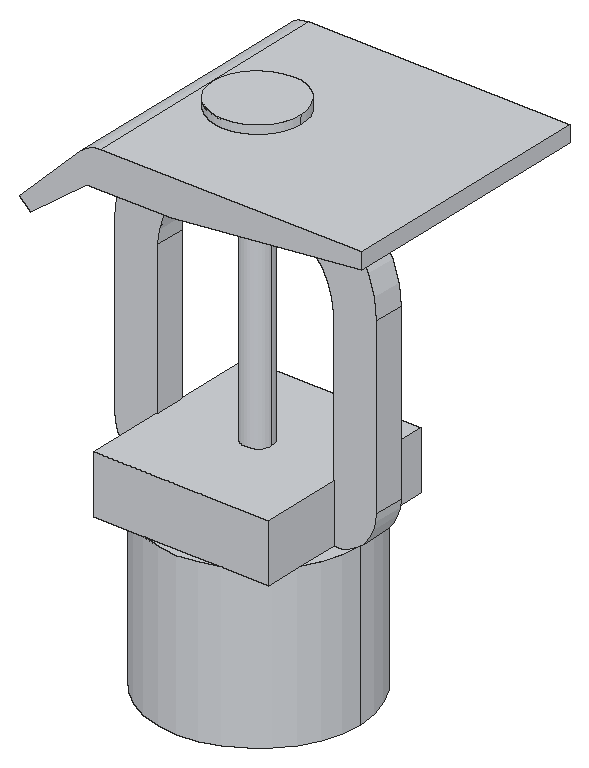
Revit family
Parameters (values of type "RASCO F1FR56 VSW")
  URL = ""
  Temperature Rating = 155 °F
  Response = 1
  RASCO SIN # = "RA1485"
  RASCO Part # = "F1FR56V1C"
  Pressure Rating = "175 PSI"
  Pressure Class = (empty or 0)
  Orifice Size = 1/2"
  Orifice = (empty or 0)
  Model = "F1FR56"
  Manufacturer = "RASCO"
  K-Factor = 5.6
  Description = "Chrome Finish"
  Coverage = (empty or 0)
Reference planes (in)
  plane 1 "Center (Front/Back)": y = 0
  plane 2: z = 0
  plane 3 "Center (Left/Right)": x = 0
Nested families (in)
  nested 1: "F1FR56V1C" at (0, 0, 0), type "RASCO F1FR56 VSW"
Connectors (in)
  piping at (0, 0, 0)
    settings: on nested 1, index 1, connector radius 115/256", flow factor 0, pipe flow 0 GPM, pressure drop 0.00 psi, fitting loss kfactor 0, connector angle 0.00°, fixture units 0, flow configuration 0, flow direction 0, fitting loss method 0, system type 7, connector reference index -1, connector utility 0, adjustable connector no, is connector primary yes, fitting loss table "", connector description ""
Definition of nested family "F1FR56V1C"
  Parameters (values of type "RASCO F1FR56 VSW")
    Type Comments = ""
    Temperature Rating = 0 °F
    Response = (empty or 0)
    Pressure Rating = "0"
    Pressure Class = (empty or 0)
    Orifice Size = 0"
    Orifice = (empty or 0)
    Model = ""
    Manufacturer = ""
    K-Factor = 0
    Description = ""
    Coverage = (empty or 0)
    Assembly Code = ""
  Reference planes (in)
    plane 1 "Center (Front/Back)": y = 0
    plane 2: z = 0
    plane 3 "ref.2": z = 0.6875
    plane 4 "ref.3": z = 0.9375
    plane 5: x = -0.38065
    plane 6: x = 0.36935
    plane 7 "ref. side 1": y = 0.06402
    plane 8 "ref. side 2": y = -0.06098
    plane 9 "ref.4": z = 1.875
    plane 10 "ref.5": z = 2.24902
    plane 11 "ref.6": z = 2.4375
    plane 12 "void": z = 2.0625
  Forms (in)
    Extrusion 1, solid
      sketch origin (0, 0, 0) x (1, 0, 0) y (0, 1, 0)
        loop
          circle (0, 0) r 0.4375
      from 0 to 0.6875
    Extrusion 2, solid
      sketch origin (-0.12185, 0.05177, 0.6875) x (1, 0, 0) y (0, 1, 0)
        loop
          line (-0.2588, 0.356) -> (-0.2588, -0.4565) -> (0.4912, -0.4565) -> (0.4912, 0.356) -> (-0.2588, 0.356)
      from 0 to 0.25
    Extrusion 3, solid
      sketch origin (0, 0, 0) x (1, 0, 0) y (0, 0, 1)
        loop
          line (-0.38065, 0.68754) -> (-0.38065, 1.58397)
          arc (-0.38065, 1.58397) -> (-0.29541, 1.78976) -> (-0.08962, 1.875) r 0.29103
          line (-0.08962, 1.875) -> (0.07524, 1.875)
          arc (0.07524, 1.875) -> (0.28321, 1.78886) -> (0.36935, 1.58089) r 0.29411
          line (0.36935, 1.58089) -> (0.36935, 0.68751)
          arc (0.36935, 0.68751) -> (0.50207, 0.74393) -> (0.55685, 0.87734) r 0.18984
          line (0.55685, 0.87734) -> (0.55685, 1.61676)
          arc (0.55685, 1.61676) -> (0.42629, 1.93194) -> (0.11111, 2.0625) r 0.44574
          line (0.11111, 2.0625) -> (-0.12259, 2.0625)
          arc (-0.12259, 2.0625) -> (-0.43765, 1.932) -> (-0.56815, 1.61694) r 0.44556
          line (-0.56815, 1.61694) -> (-0.56815, 0.87876)
          arc (-0.56815, 0.87876) -> (-0.51345, 0.74486) -> (-0.38065, 0.68754) r 0.19126
      from -0.06402 to 0.06098
    Extrusion 4, solid
      sketch origin (0, 0, 0.9375) x (-1, 0, 0) y (0, -1, 0)
        loop
          circle (0.00574, -0.00152) r 0.0625
      from 0 to 0.9375
    Extrusion 5, solid
      sketch origin (0, 0, 1.875) x (-1, 0, 0) y (0, -1, 0)
        loop
          circle (0.00574, -0.00152) r 0.1875
      from 0 to 0.37402
    Extrusion 6, solid
      sketch origin (-0.03679, 0, -0.06016) x (1, 0, 0) y (0, 0, 1)
        loop
          arc (-0.19445, 2.27627) -> (-0.23939, 2.26733) -> (-0.27749, 2.24188) r 0.11743
          line (-0.27749, 2.24188) -> (-0.54045, 1.97891) -> (-0.49488, 1.93334) -> (-0.25503, 2.12072) -> (0.10902, 2.12072) -> (0.92351, 2.20633) -> (0.92351, 2.27627) -> (-0.19445, 2.27627)
      from -0.5584 to 0.5566
  Cuts and joins
    joined: Extrusion 1, Extrusion 2, Extrusion 4
  Lines and regions (in)
    model lines
      curve 1: line (-0.00574, 0.06402, 1.875) -> (-0.00574, -0.06098, 1.875)
